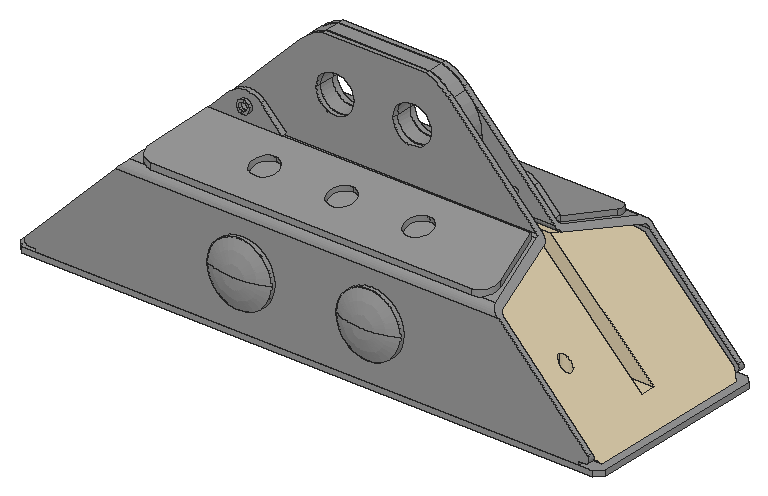
Revit family "ROTHOB_Rothoblaas_Plate_X-One", category Structural Connections, host Face, Revit 2020
Family settings
  Host = Face
  Material for Model Behavior = Steel
  OmniClass Number = 23.13.23.11.19.13
  OmniClass Title = Wood Connectors
  Enable cutting in views = Yes
  Cut with Voids When Loaded = No
  Shared = No
Parameters (values of type "XONE_273x90x113mm")
  WarrantyStartDate [instance] = ""
  WarrantyGuarantorParts = "n/a"  # constant formula
  WarrantyGuarantorLabor = "n/a"  # constant formula
  WarrantyDurationUnit = "n/a"  # constant formula
  WarrantyDurationParts = "n/a"  # constant formula
  WarrantyDurationLabor = "n/a"  # constant formula
  WarrantyDescription = "n/a"  # constant formula
  Version = "2"  # constant formula
  UniClass2015Version = "Products v1.33"  # constant formula
  UniClass2015Title = "Carbon steel brackets"  # constant formula
  UniClass2015Code = "Pr_20_85_09_11"  # constant formula
  Tipo IFC predefinito = "USERDEFINED"  # constant formula
  SustainabilityPerformance = "n/a"  # constant formula
  Size_Imperial = "10 3/4x3 1/2x4 1/2 in"  # constant formula
  Size = "273x90x113 mm"  # constant formula
  Shape = "Three-dimensional"  # constant formula
  Revision = "1"  # constant formula
  ReplacementCost = "n/a"  # constant formula
  InstallationDate [instance] = ""
  Default Elevation = 1219.20 mm
  ProductInformation = "https://www.rothoblaas.com/products/fastening/brackets-and-plates/x-rad/x-one#X-one"  # constant formula
  OmniClassVersion = "2012-05-16"  # constant formula
  OmniClassTitle = "Wood Connectors"  # constant formula
  OmniClassCode = "23-13 23 11 19 13"  # constant formula
  ObjectMaterial_Wood = ROTHOB_Rothoblaas_Wood
  ObjectMaterial_Metal = ROTHOB_Rothoblaas_CarbonSteel_ZincPlated
  NominalWidth = Width_B  # 90.00 mm
  NominalLength = Length_L  # 273.00 mm
  NominalHeight = Height_H  # 113.00 mm
  Height_H = 113.00 mm  # constant formula
  Name = "Plate"  # constant formula
  ModelReference = "n/a"  # constant formula
  ModelNumber = "XONE"  # constant formula
  ModelDisclaimer = "The latest version of the data sheets can be found on our website"  # constant formula
  MinWeight = "2.801 kg"  # constant formula
  Material = "Carbon steel"  # constant formula
  ManufacturerURL = "www.rothoblaas.com"  # constant formula
  ManufacturerName = "ROTHO BLAAS SRL"  # constant formula
  Manufacturer = "info@rothoblaas.com"  # constant formula
  IfcExportType = "USERDEFINED"  # constant formula
  IfcExportAs = "IfcDiscreteAccessoryType"  # constant formula
  Width_B = 90.00 mm  # constant formula
  Grade = "n/a"  # constant formula
  Finish = "Zinc plated"  # constant formula
  Features = "Load bearing connection between CLT elements"  # constant formula
  ExpectedLife = "50"  # constant formula
  Esporta tipo in formato IFC con nome = "IfcDiscreteAccessoryType"  # constant formula
  DurationUnit = "Years"  # constant formula
  Description = "X-RAD system connection element"  # constant formula
  Length_L = 273.00 mm  # constant formula
  Constituents = "n/a"  # constant formula
  Color = "Silver"  # constant formula
  CodePerformance = "CE - Construction products"  # constant formula
  Category = "Pr_20_85_09_11: Carbon steel brackets"  # constant formula
  CETitle = "n/a"  # constant formula
  CECode = "ETA-15/0632"  # constant formula
  BIMObjectName = "ROTHOB_Rothoblaas_Plate_X-One"  # constant formula
  Author = "Vitor Ferronato"  # constant formula
  AssetType = "n/a"  # constant formula
  AccessibilityPerformance = "n/a"  # constant formula
Reference planes
  plane 1 "Centro (Fronte/Retro)": y = 0
  plane 2: z = 0
  plane 3 "Centro (Sinistra/Destra)": x = 0
  plane 4: y = 45
  plane 5: y = -45
  plane 6: x = -136.5
  plane 7: x = 136.5
  plane 8: z = 2.5
  plane 9: z = 113
  plane 10: z = 58
  plane 11: y = 6.043
  plane 12: y = -6.043
Forms (mm)
  Extrusion 1, solid, material "ROTHOB_Rothoblaas_CarbonSteel_ZincPlated" <- "ObjectMaterial_Metal", detail levels fine
    sketch origin (0, 0, 0) x (1, 0, 0) y (0, 1, 0)
      loop
        line (-132.964, 45) -> (-136.5, 41.464) -> (-136.5, -41.464) -> (-132.964, -45) -> (132.964, -45) -> (136.5, -41.464) -> (136.5, 41.464) -> (132.964, 45) -> (-132.964, 45)
    from 0 to 2.5
  Extrusion 2, solid, material "ROTHOB_Rothoblaas_CarbonSteel_ZincPlated" <- "ObjectMaterial_Metal", detail levels fine
    sketch origin (0, 0, 0) x (0, 1, 0) y (0, 0, 1)
      loop
        line (45, 2.5) -> (45, 50.34)
        arc (45, 50.34) -> (44.111, 52.922) -> (41.82, 54.41) r 4.195
        line (41.82, 54.41) -> (6.984, 63.096)
        arc (6.984, 63.096) -> (6.306, 63.536) -> (6.043, 64.3) r 1.241
        line (6.043, 64.3) -> (6.043, 113) -> (3.543, 113) -> (3.543, 63.382)
        arc (3.543, 63.382) -> (4.087, 61.802) -> (5.488, 60.892) r 2.566
        line (5.488, 60.892) -> (40.874, 52.069)
        arc (40.874, 52.069) -> (42.045, 51.309) -> (42.5, 49.988) r 2.145
        line (42.5, 49.988) -> (42.5, 2.5) -> (45, 2.5)
      loop
        line (-45, 2.5) -> (-42.5, 2.5) -> (-42.5, 49.988)
        arc (-42.5, 49.988) -> (-42.045, 51.309) -> (-40.874, 52.069) r 2.145
        line (-40.874, 52.069) -> (-5.488, 60.892)
        arc (-5.488, 60.892) -> (-4.087, 61.802) -> (-3.543, 63.382) r 2.566
        line (-3.543, 63.382) -> (-3.543, 113) -> (-6.043, 113) -> (-6.043, 64.3)
        arc (-6.043, 64.3) -> (-6.306, 63.536) -> (-6.984, 63.096) r 1.241
        line (-6.984, 63.096) -> (-41.82, 54.41)
        arc (-41.82, 54.41) -> (-44.111, 52.922) -> (-45, 50.34) r 4.195
        line (-45, 50.34) -> (-45, 2.5)
    from -136.5 to 136.5
  Extrusion 3, void
    sketch origin (0, 0, 0) x (1, 0, 0) y (0, 0, 1)
      loop
        line (126.5, 4) -> (126.5, 0) -> (136.5, 0) -> (136.5, 113) -> (24.047, 113)
        arc (24.047, 113) -> (29.573, 110.503) -> (34.314, 106.723) r 24.432
        line (34.314, 106.723) -> (130.863, 7.792)
        arc (130.863, 7.792) -> (131.415, 5.569) -> (129.747, 4) r 2.266
        line (129.747, 4) -> (126.5, 4)
      loop
        line (-126.5, 4) -> (-129.747, 4)
        arc (-129.747, 4) -> (-131.415, 5.569) -> (-130.863, 7.792) r 2.266
        line (-130.863, 7.792) -> (-34.314, 106.723)
        arc (-34.314, 106.723) -> (-29.573, 110.503) -> (-24.047, 113) r 24.432
        line (-24.047, 113) -> (-136.5, 113) -> (-136.5, 0) -> (-126.5, 0) -> (-126.5, 4)
    from -45 to 45
  Extrusion 4, solid, material "ROTHOB_Rothoblaas_CarbonSteel_ZincPlated" <- "ObjectMaterial_Metal", detail levels fine
    sketch origin (0, 0, 0) x (1, 0, 0) y (0, 1, 0)
      loop
        arc (74.654, -42.559) -> (80.017, -40.057) -> (81.547, -34.34) r 7
        line (81.547, -34.34) -> (75.192, -8.223) -> (-75.192, -8.223) -> (-81.547, -34.34)
        arc (-81.547, -34.34) -> (-80.017, -40.057) -> (-74.654, -42.559) r 7
        line (-74.654, -42.559) -> (74.654, -42.559)
      loop
        line (74.654, 42.559) -> (-74.654, 42.559)
        arc (-74.654, 42.559) -> (-80.017, 40.057) -> (-81.547, 34.34) r 7
        line (-81.547, 34.34) -> (-75.192, 8.223) -> (75.192, 8.223) -> (81.547, 34.34)
        arc (81.547, 34.34) -> (80.017, 40.057) -> (74.654, 42.559) r 7
    from 53.853 to 68.661
  Extrusion 5, void, detail levels fine
    sketch origin (0, 0, 0) x (0, 1, 0) y (0, 0, 1)
      loop
        line (6.043, 69.789) -> (6.043, 53.57) -> (48, 53.57) -> (48, 69.789) -> (6.043, 69.789)
      loop
        line (-6.043, 69.789) -> (-48.585, 69.789) -> (-48.585, 53.57) -> (-6.043, 53.57) -> (-6.043, 69.789)
      loop
        line (-8.543, 65.283) -> (-42.559, 56.802) -> (-42.559, 54.226) -> (-8.543, 62.707) -> (-8.543, 65.283)
      loop
        line (8.543, 65.283) -> (8.543, 62.707) -> (42.559, 54.226) -> (42.559, 56.802) -> (8.543, 65.283)
    from -89.263 to 89.788
  Extrusion 6, solid, material "ROTHOB_Rothoblaas_Wood" <- "ObjectMaterial_Wood", detail levels fine
    sketch origin (0, 0, 0) x (0, 1, 0) y (0, 0, 1)
      loop
        line (-38.844, 2.5) -> (38.844, 2.5) -> (42.5, 6.156) -> (42.5, 47.732) -> (38.896, 51.337) -> (3.543, 60.227) -> (3.543, 12.375) -> (-3.543, 12.375) -> (-3.543, 60.227) -> (-38.896, 51.337) -> (-42.5, 47.732) -> (-42.5, 6.156) -> (-38.844, 2.5)
    from -136.5 to 136.5
  Extrusion 7, void
    sketch origin (0, 0, 0) x (1, 0, 0) y (0, 0, 1)
      loop
        line (-132.582, 2.5) -> (-72.31, 62.771) -> (-136.5, 62.771) -> (-136.5, 2.5) -> (-132.582, 2.5)
      loop
        line (136.5, 62.771) -> (72.31, 62.771) -> (132.582, 2.5) -> (136.5, 2.5) -> (136.5, 62.771)
    from -45 to 45
  Extrusion 8, solid, material "ROTHOB_Rothoblaas_CarbonSteel_ZincPlated" <- "ObjectMaterial_Metal", detail levels fine
    sketch origin (0, 45, -304.8) x (0, 0, 1) y (1, 0, 0)
      loop
        line (344.887, 36.995) -> (332.889, 43.923) -> (320.89, 36.995) -> (320.89, 23.141) -> (332.889, 16.214) -> (344.887, 23.141) -> (344.887, 36.995)
      loop
        circle (332.889, 30.068) r 6.521
      loop
        line (344.887, -36.995) -> (344.887, -23.141) -> (332.889, -16.214) -> (320.89, -23.141) -> (320.89, -36.995) -> (332.889, -43.923) -> (344.887, -36.995)
      loop
        circle (332.889, -30.068) r 6.521
    from 0 to 5.344
  Extrusion 9, solid, material "ROTHOB_Rothoblaas_CarbonSteel_ZincPlated" <- "ObjectMaterial_Metal", detail levels fine
    sketch origin (48.739, -45, -302.79) x (0, 0, 1) y (-1, 0, 0)
      loop
        circle (330.878, 18.671) r 15
      loop
        circle (330.878, 78.807) r 15
    from 0 to 2
  Extrusion 10, solid, material "ROTHOB_Rothoblaas_CarbonSteel_ZincPlated" <- "ObjectMaterial_Metal", detail levels fine
    sketch origin (3.671, 6.043, 120.239) x (0, 0, -1) y (-1, 0, 0)
      loop
        line (44.929, -61.3) -> (54.955, -71.085) -> (54.955, -37.123) -> (44.937, -47.154)
        arc (44.937, -47.154) -> (42.007, -54.225) -> (44.929, -61.3) r 10.013
      loop
        circle (48.368, -54.205) r 2.001
    from 0 to 2.5
  Extrusion 11, solid, material "ROTHOB_Rothoblaas_CarbonSteel_ZincPlated" <- "ObjectMaterial_Metal", detail levels fine
    sketch origin (-3.646, -6.043, 120.239) x (0, 0, -1) y (1, 0, 0)
      loop
        line (54.955, -37.123) -> (44.929, -47.153)
        arc (44.929, -47.153) -> (41.994, -54.23) -> (44.916, -61.312) r 10.021
        line (44.916, -61.312) -> (54.955, -71.11) -> (54.955, -37.123)
      loop
        circle (48.368, -54.23) r 2.001
    from 0 to 2.5
  Revolve 12, solid, material "ROTHOB_Rothoblaas_CarbonSteel_ZincPlated" <- "ObjectMaterial_Metal", detail levels fine
    sketch origin (0, 0, 28.089) x (1, 0, 0) y (0, 1, 0)
      loop
        line (30.068, -47) -> (30.068, -50.5)
        arc (30.068, -50.5) -> (37.799, -49.74) -> (45.068, -47) r 29.669
        line (45.068, -47) -> (30.068, -47)
      axis (30.068, -47) -> (30.068, -50.5)
    angle from 0 to 360
  Revolve 13, solid, material "ROTHOB_Rothoblaas_CarbonSteel_ZincPlated" <- "ObjectMaterial_Metal", detail levels fine
    sketch origin (0, 0, 28.089) x (-1, 0, 0) y (0, -1, 0)
      loop
        line (30.068, 47) -> (45.068, 47)
        arc (45.068, 47) -> (37.799, 49.74) -> (30.068, 50.5) r 29.669
        line (30.068, 50.5) -> (30.068, 47)
      axis (30.068, 47) -> (30.068, 50.5)
    angle from 0 to 360
  Extrusion 14, solid, material "ROTHOB_Rothoblaas_CarbonSteel_ZincPlated" <- "ObjectMaterial_Metal", detail levels fine
    sketch origin (0, 45, -304.8) x (0, 0, 1) y (1, 0, 0)
      loop
        circle (332.889, 30.068) r 5
      loop
        circle (332.889, -30.068) r 5
    from 0 to 5.344
  Extrusion 15, void
    sketch origin (0, 0, 0) x (1, 0, 0) y (0, 0, 1)
      loop
        circle (18.002, 89.444) r 9.022
      loop
        circle (-18.002, 89.444) r 9.022
    from -6.043 to 6.043
  Extrusion 16, void
    sketch origin (0, -44.639, 56.284) x (0, 0.970296, 0.241922) y (-1, 0, 0)
      loop
        circle (20.598, 35.863) r 6.2
      loop
        circle (20.598, 0) r 6.2
      loop
        circle (20.598, -35.863) r 6.2
    from -2.5 to 0
  Extrusion 17, void
    sketch origin (0, 44.638, 56.284) x (0, -0.970296, 0.241922) y (1, 0, 0)
      loop
        circle (20.668, 35.863) r 5.5
      loop
        circle (20.668, 0) r 5.5
      loop
        circle (20.668, -35.863) r 5.5
    from -2.5 to 0
  Extrusion 18, solid, material "ROTHOB_Rothoblaas_CarbonSteel_ZincPlated" <- "ObjectMaterial_Metal", detail levels fine
    sketch origin (0, 10.043, 120.239) x (0, 0, -1) y (-1, 0, 0)
      loop
        circle (30.795, 18.002) r 9.022
      loop
        circle (30.795, -18.002) r 9.022
      loop
        line (30.795, -42.44) -> (91.47, -49.137)
        arc (91.47, -49.137) -> (96.512, -47.521) -> (98.671, -42.687) r 6.489
        line (98.671, -42.687) -> (98.671, 42.687)
        arc (98.671, 42.687) -> (96.512, 47.521) -> (91.47, 49.137) r 6.489
        line (91.47, 49.137) -> (30.795, 42.44)
        arc (30.795, 42.44) -> (21.89, 40.557) -> (14.51, 35.232) r 22
        arc (14.51, 35.232) -> (10.096, 30.145) -> (7.239, 24.047) r 24.432
        line (7.239, 24.047) -> (7.239, -24.047)
        arc (7.239, -24.047) -> (10.096, -30.145) -> (14.51, -35.232) r 24.432
        arc (14.51, -35.232) -> (21.89, -40.557) -> (30.795, -42.44) r 22
      loop
        circle (92.15, 30.068) r 5
      loop
        circle (92.15, -30.068) r 5
    from -13.586 to -6.5
  Revolve 19, solid, material "ROTHOB_Rothoblaas_CarbonSteel_ZincPlated" <- "ObjectMaterial_Metal", detail levels fine
    sketch origin (-57.876, 0, 1.036) x (0, 1, 0) y (0, 0, 1)
      loop
        line (-8.544, 72.835) -> (-8.544, 73.834) -> (-9.94, 73.834) -> (-9.94, 72.835) -> (-8.544, 72.835)
      loop
        line (-3.543, 70.834) -> (-2.506, 70.834)
        arc (-2.506, 70.834) -> (-2.79, 71.749) -> (-3.543, 72.341) r 1.613
        line (-3.543, 72.341) -> (-3.543, 70.834)
      axis (-2.506, 70.834) -> (-9.94, 70.834)
    angle from 0 to 360
  Revolve 20, solid, material "ROTHOB_Rothoblaas_CarbonSteel_ZincPlated" <- "ObjectMaterial_Metal", detail levels fine
    sketch origin (57.876, 0, 1.036) x (0, -1, 0) y (0, 0, 1)
      loop
        line (-8.544, 72.835) -> (-8.544, 73.834) -> (-9.944, 73.834) -> (-9.944, 72.835) -> (-8.544, 72.835)
      loop
        line (-3.543, 70.834) -> (-2.506, 70.834)
        arc (-2.506, 70.834) -> (-2.79, 71.749) -> (-3.543, 72.341) r 1.613
        line (-3.543, 72.341) -> (-3.543, 70.834)
      axis (-2.506, 70.834) -> (-9.944, 70.834)
    angle from 0 to 360
  Extrusion 21, void
    sketch origin (0, 0, 0) x (1, 0, 0) y (0, 1, 0)
      loop
        circle (105.677, -26.602) r 2.94
      loop
        circle (-105.677, 26.602) r 2.94
    from 0 to 33.207
Cuts and joins
  Extrusion 3, Extrusion 15 cuts Extrusion 2
  Extrusion 7, Extrusion 21 cuts Extrusion 6
  Extrusion 5, Extrusion 16, Extrusion 17 cuts Extrusion 4
Lines and regions (mm)
  model lines, detail levels coarse+medium
    curve 1: line (-24.047, 6.043, 113) -> (24.047, 6.043, 113)
    curve 2: arc (24.047, 6.043, 113) -> (29.573, 6.043, 110.503) -> (34.314, 6.043, 106.723) r 24.432
    curve 3: line (34.314, 6.043, 106.723) -> (75.715, 6.043, 64.3)
    curve 4: line (-75.715, 6.043, 64.3) -> (-34.314, 6.043, 106.723)
    curve 5: arc (-34.314, 6.043, 106.723) -> (-29.573, 6.043, 110.503) -> (-24.047, 6.043, 113) r 24.432
    curve 6: line (85.367, 41.82, 54.41) -> (76.891, 6.984, 63.096)
    curve 7: line (-76.891, 6.984, 63.096) -> (-85.367, 41.82, 54.41)
    curve 8: arc (76.899, 6.978, 63.087) -> (76.405, 6.259, 63.593) -> (75.716, 6.055, 64.299) r 1.732
    curve 9: arc (-75.716, 6.055, 64.299) -> (-76.405, 6.259, 63.593) -> (-76.899, 6.978, 63.087) r 1.732
    curve 10: line (-130.863, 45, 7.792) -> (-89.34, 45, 50.34)
    curve 11: line (89.34, 45, 50.34) -> (130.863, 45, 7.792)
    curve 12: arc (130.863, 45, 7.792) -> (131.415, 45, 5.569) -> (129.747, 45, 4) r 2.266
    curve 13: line (129.747, 45, 4) -> (126.5, 45, 4)
    curve 14: line (126.5, 45, 4) -> (126.5, 45, 2.5)
    curve 15: line (-126.5, 45, 2.5) -> (-126.5, 45, 4)
    curve 16: line (-126.5, 45, 4) -> (-129.747, 45, 4)
    curve 17: arc (-129.747, 45, 4) -> (-131.415, 45, 5.569) -> (-130.863, 45, 7.792) r 2.266
    curve 18: arc (-85.34, 41.84, 54.438) -> (-87.007, 44.269, 52.729) -> (-89.337, 44.959, 50.342) r 5.854
    curve 19: arc (89.337, 44.959, 50.342) -> (87.007, 44.269, 52.729) -> (85.34, 41.84, 54.438) r 5.854
    curve 20: line (76.874, -6.908, 63.112) -> (85.423, -42.076, 54.353)
    curve 21: arc (85.423, -42.076, 54.353) -> (86.985, -44.27, 52.753) -> (89.113, -45, 50.572) r 5.864
    curve 22: line (89.113, -45, 50.572) -> (130.863, -45, 7.792)
    curve 28: line (34.314, -6.049, 106.723) -> (75.715, -6.049, 64.3)
    curve 29: arc (75.715, -6.049, 64.3) -> (76.383, -6.236, 63.616) -> (76.874, -6.908, 63.112) r 1.735
    curve 35: line (-24.047, -6.043, 113) -> (24.047, -6.043, 113)
    curve 38: arc (34.314, -6.043, 106.723) -> (29.573, -6.043, 110.503) -> (24.047, -6.043, 113) r 24.432
    curve 41: line (-130.863, -45, 7.792) -> (-89.113, -45, 50.572)
    curve 42: arc (-89.113, -45, 50.572) -> (-86.985, -44.27, 52.753) -> (-85.423, -42.076, 54.353) r 5.864
    curve 43: line (-85.423, -42.076, 54.353) -> (-76.874, -6.908, 63.112)
    curve 44: arc (-76.874, -6.908, 63.112) -> (-76.383, -6.236, 63.616) -> (-75.715, -6.049, 64.3) r 1.735
    curve 45: line (-75.715, -6.049, 64.3) -> (-34.314, -6.049, 106.723)
    curve 51: arc (-24.047, -6.043, 113) -> (-29.573, -6.043, 110.503) -> (-34.314, -6.043, 106.723) r 24.432
    curve 59: line (-136.5, 41.464, 2.5) -> (-136.5, -41.464, 2.5)
    curve 60: line (-136.5, -41.464, 2.5) -> (-132.964, -45, 2.5)
    curve 61: line (-132.964, -45, 2.5) -> (132.964, -45, 2.5)
    curve 62: line (132.964, -45, 2.5) -> (136.5, -41.464, 2.5)
    curve 63: line (136.5, -41.464, 2.5) -> (136.5, 41.464, 2.5)
    curve 64: line (136.5, 41.464, 2.5) -> (132.964, 45, 2.5)
    curve 65: line (132.964, 45, 2.5) -> (-132.964, 45, 2.5)
    curve 66: line (-132.964, 45, 2.5) -> (-136.5, 41.464, 2.5)
    curve 67: line (-136.5, 41.464, 0) -> (-132.964, 45, 0)
    curve 68: line (-132.964, 45, 0) -> (132.964, 45, 0)
    curve 69: line (132.964, 45, 0) -> (136.5, 41.464, 0)
    curve 70: line (136.5, 41.464, 0) -> (136.5, -41.464, 0)
    curve 71: line (136.5, -41.464, 0) -> (132.964, -45, 0)
    curve 72: line (132.964, -45, 0) -> (-132.964, -45, 0)
    curve 73: line (-132.964, -45, 0) -> (-136.5, -41.464, 0)
    curve 74: line (-136.5, -41.464, 0) -> (-136.5, 41.464, 0)
    curve 75: line (-132.964, 45, 0) -> (-132.964, 45, 2.5)
    curve 76: line (-136.5, 41.464, 2.5) -> (-136.5, 41.464, 0)
    curve 77: line (-136.5, -41.464, 0) -> (-136.5, -41.464, 2.5)
    curve 78: line (-132.964, -45, 2.5) -> (-132.964, -45, 0)
    curve 79: line (132.964, -45, 0) -> (132.964, -45, 2.5)
    curve 80: line (136.5, -41.464, 2.5) -> (136.5, -41.464, 0)
    curve 81: line (132.964, 45, 2.5) -> (132.964, 45, 0)
    curve 82: line (136.5, 41.464, 0) -> (136.5, 41.464, 2.5)
    curve 89: line (75.002, -42.561, 54.225) -> (-75.002, -42.561, 54.225)
    curve 90: arc (-75.002, -42.561, 54.225) -> (-80.175, -39.876, 54.895) -> (-81.541, -34.341, 56.275) r 7.157
    curve 91: line (-81.541, -34.341, 56.275) -> (-75.27, -8.543, 62.707)
    curve 92: line (-75.27, -8.543, 62.707) -> (75.27, -8.543, 62.707)
    curve 93: line (75.27, -8.543, 62.707) -> (81.541, -34.341, 56.275)
    curve 94: arc (81.541, -34.341, 56.275) -> (80.175, -39.876, 54.895) -> (75.002, -42.561, 54.225) r 7.157
    curve 95: arc (-35.863, -30.064, 57.341) -> (-29.663, -24.048, 58.841) -> (-35.863, -18.032, 60.341) r 6.2
    curve 96: arc (-35.863, -18.032, 60.341) -> (-42.063, -24.048, 58.841) -> (-35.863, -30.064, 57.341) r 6.2
    curve 97: arc (0, -30.064, 57.341) -> (6.2, -24.048, 58.841) -> (0, -18.032, 60.341) r 6.2
    curve 98: arc (0, -18.032, 60.341) -> (-6.2, -24.048, 58.841) -> (0, -30.064, 57.341) r 6.2
    curve 99: arc (35.863, -30.064, 57.341) -> (42.063, -24.048, 58.841) -> (35.863, -18.032, 60.341) r 6.2
    curve 100: arc (35.863, -18.032, 60.341) -> (29.663, -24.048, 58.841) -> (35.863, -30.064, 57.341) r 6.2
    curve 109: line (-75.27, 8.543, 62.707) -> (-81.541, 34.341, 56.275)
    curve 110: arc (-81.541, 34.341, 56.275) -> (-80.175, 39.876, 54.895) -> (-75.002, 42.561, 54.225) r 7.157
    curve 111: line (-75.002, 42.561, 54.225) -> (75.002, 42.561, 54.225)
    curve 112: arc (75.002, 42.561, 54.225) -> (80.175, 39.876, 54.895) -> (81.541, 34.341, 56.275) r 7.157
    curve 113: line (81.541, 34.341, 56.275) -> (75.27, 8.543, 62.707)
    curve 114: line (75.27, 8.543, 62.707) -> (-75.27, 8.543, 62.707)
    curve 115: arc (-35.863, 18.642, 60.189) -> (-30.363, 23.979, 58.858) -> (-35.863, 29.315, 57.528) r 5.5
    curve 116: arc (-35.863, 29.315, 57.528) -> (-41.363, 23.979, 58.858) -> (-35.863, 18.642, 60.189) r 5.5
    curve 117: arc (0, 18.642, 60.189) -> (5.5, 23.979, 58.858) -> (0, 29.315, 57.528) r 5.5
    curve 118: arc (0, 29.315, 57.528) -> (-5.5, 23.979, 58.858) -> (0, 18.642, 60.189) r 5.5
    curve 119: arc (35.863, 18.642, 60.189) -> (41.363, 23.979, 58.858) -> (35.863, 29.315, 57.528) r 5.5
    curve 120: arc (35.863, 29.315, 57.528) -> (30.363, 23.979, 58.858) -> (35.863, 18.642, 60.189) r 5.5
    curve 133: line (36.995, 45, 40.087) -> (23.141, 45, 40.087)
    curve 134: line (23.141, 45, 40.087) -> (16.214, 45, 28.089)
    curve 135: line (16.214, 45, 28.089) -> (23.141, 45, 16.09)
    curve 136: line (23.141, 45, 16.09) -> (36.995, 45, 16.09)
    curve 137: line (36.995, 45, 16.09) -> (43.923, 45, 28.089)
    curve 138: line (43.923, 45, 28.089) -> (36.995, 45, 40.087)
    curve 139: line (-23.141, 45, 40.087) -> (-36.995, 45, 40.087)
    curve 140: line (-36.995, 45, 40.087) -> (-43.923, 45, 28.089)
    curve 141: line (-43.923, 45, 28.089) -> (-36.995, 45, 16.09)
    curve 142: line (-36.995, 45, 16.09) -> (-23.141, 45, 16.09)
    curve 143: line (-23.141, 45, 16.09) -> (-16.214, 45, 28.089)
    curve 144: line (-16.214, 45, 28.089) -> (-23.141, 45, 40.087)
    curve 169: arc (30.068, 45, 34.61) -> (36.589, 45, 28.089) -> (30.068, 45, 21.567) r 6.521
    curve 170: arc (30.068, 45, 21.567) -> (23.547, 45, 28.089) -> (30.068, 45, 34.61) r 6.521
    curve 171: arc (-30.068, 45, 34.61) -> (-23.547, 45, 28.089) -> (-30.068, 45, 21.567) r 6.521
    curve 172: arc (-30.068, 45, 21.567) -> (-36.589, 45, 28.089) -> (-30.068, 45, 34.61) r 6.521
    curve 185: arc (-30.068, -45, 13.089) -> (-45.068, -45, 28.089) -> (-30.068, -45, 43.089) r 15
    curve 186: arc (-30.068, -45, 43.089) -> (-15.068, -45, 28.089) -> (-30.068, -45, 13.089) r 15
    curve 187: arc (30.068, -45, 13.089) -> (15.068, -45, 28.089) -> (30.068, -45, 43.089) r 15
    curve 188: arc (30.068, -45, 43.089) -> (45.068, -45, 28.089) -> (30.068, -45, 13.089) r 15
    curve 232: line (74.855, 3.543, 60.227) -> (122.707, 3.543, 12.375)
    curve 233: line (122.707, 3.543, 12.375) -> (122.707, -3.543, 12.375)
    curve 234: line (122.707, -3.543, 12.375) -> (74.855, -3.543, 60.227)
    curve 235: line (74.855, -3.543, 60.227) -> (83.745, -38.896, 51.337)
    curve 236: line (83.745, -38.896, 51.337) -> (87.35, -42.5, 47.732)
    curve 237: line (87.35, -42.5, 47.732) -> (128.925, -42.5, 6.156)
    curve 238: line (128.925, -42.5, 6.156) -> (132.582, -38.844, 2.5)
    curve 239: line (132.582, -38.844, 2.5) -> (132.582, 38.844, 2.5)
    curve 240: line (132.582, 38.844, 2.5) -> (128.925, 42.5, 6.156)
    curve 241: line (128.925, 42.5, 6.156) -> (87.35, 42.5, 47.732)
    curve 242: line (87.35, 42.5, 47.732) -> (83.745, 38.896, 51.337)
    curve 243: line (83.745, 38.896, 51.337) -> (74.855, 3.543, 60.227)
    curve 244: line (-122.707, 3.543, 12.375) -> (-74.855, 3.543, 60.227)
    curve 245: line (-74.855, 3.543, 60.227) -> (-83.745, 38.896, 51.337)
    curve 246: line (-83.745, 38.896, 51.337) -> (-87.35, 42.5, 47.732)
    curve 247: line (-87.35, 42.5, 47.732) -> (-128.925, 42.5, 6.156)
    curve 248: line (-128.925, 42.5, 6.156) -> (-132.582, 38.844, 2.5)
    curve 249: line (-132.582, 38.844, 2.5) -> (-132.582, -38.844, 2.5)
    curve 250: line (-132.582, -38.844, 2.5) -> (-128.925, -42.5, 6.156)
    curve 251: line (-128.925, -42.5, 6.156) -> (-87.35, -42.5, 47.732)
    curve 252: line (-87.35, -42.5, 47.732) -> (-83.745, -38.896, 51.337)
    curve 253: line (-83.745, -38.896, 51.337) -> (-74.855, -3.543, 60.227)
    curve 254: line (-74.855, -3.543, 60.227) -> (-122.707, -3.543, 12.375)
    curve 255: line (-122.707, -3.543, 12.375) -> (-122.707, 3.543, 12.375)
    curve 256: line (-126.5, -45, 4) -> (-126.5, -45, 2.5)
    curve 257: line (-129.747, -45, 4) -> (-126.5, -45, 4)
    curve 258: arc (-130.863, -45, 7.792) -> (-131.415, -45, 5.569) -> (-129.747, -45, 4) r 2.266
    curve 259: line (126.5, -45, 2.5) -> (126.5, -45, 4)
    curve 260: line (126.5, -45, 4) -> (129.747, -45, 4)
    curve 261: arc (129.747, -45, 4) -> (131.415, -45, 5.569) -> (130.863, -45, 7.792) r 2.266
    curve 286: arc (8.98, 6.043, 89.444) -> (18.002, 6.043, 80.422) -> (27.024, 6.043, 89.444) r 9.022
    curve 287: arc (27.024, 6.043, 89.444) -> (18.002, 6.043, 98.466) -> (8.98, 6.043, 89.444) r 9.022
    curve 288: arc (-27.024, 6.043, 89.444) -> (-18.002, 6.043, 80.422) -> (-8.98, 6.043, 89.444) r 9.022
    curve 289: arc (-8.98, 6.043, 89.444) -> (-18.002, 6.043, 98.466) -> (-27.024, 6.043, 89.444) r 9.022
    curve 294: arc (-8.98, -6.043, 89.444) -> (-18.002, -6.043, 80.422) -> (-27.024, -6.043, 89.444) r 9.022
    curve 295: arc (-27.024, -6.043, 89.444) -> (-18.002, -6.043, 98.466) -> (-8.98, -6.043, 89.444) r 9.022
    curve 296: arc (27.024, -6.043, 89.444) -> (18.002, -6.043, 80.422) -> (8.98, -6.043, 89.444) r 9.022
    curve 297: arc (8.98, -6.043, 89.444) -> (18.002, -6.043, 98.466) -> (27.024, -6.043, 89.444) r 9.022
  model lines, detail levels medium
    curve 23: line (130.863, -42.5, 7.792) -> (89.567, -42.5, 50.107)
    curve 24: arc (89.567, -42.5, 50.107) -> (88.479, -42.127, 51.222) -> (87.68, -41.005, 52.04) r 2.998
    curve 25: line (87.68, -41.005, 52.04) -> (79.007, -5.332, 60.927)
    curve 26: arc (79.007, -5.332, 60.927) -> (77.991, -3.942, 61.969) -> (76.611, -3.556, 63.382) r 3.587
    curve 27: line (76.611, -3.556, 63.382) -> (34.314, -3.556, 106.723)
    curve 30: line (34.314, 3.543, 106.723) -> (76.611, 3.543, 63.382)
    curve 31: arc (76.613, 3.568, 63.38) -> (77.989, 3.953, 61.97) -> (79.005, 5.338, 60.929) r 3.581
    curve 32: line (79.005, 5.338, 60.929) -> (87.682, 41, 52.038)
    curve 33: arc (87.682, 41, 52.038) -> (88.447, 42.092, 51.254) -> (89.491, 42.491, 50.185) r 2.993
    curve 34: line (89.491, 42.5, 50.185) -> (130.728, 42.5, 7.93)
    curve 36: line (24.047, -3.543, 113) -> (-24.047, -3.543, 113)
    curve 37: line (-24.047, 3.543, 113) -> (24.047, 3.543, 113)
    curve 39: arc (35.232, -3.543, 105.729) -> (30.145, -3.543, 110.143) -> (24.047, -3.543, 113) r 24.432
    curve 40: arc (24.047, 3.543, 113) -> (30.145, 3.543, 110.143) -> (35.232, 3.543, 105.729) r 24.432
    curve 46: line (-34.314, -3.556, 106.723) -> (-76.611, -3.556, 63.382)
    curve 47: arc (-76.611, -3.556, 63.382) -> (-77.991, -3.942, 61.969) -> (-79.007, -5.332, 60.927) r 3.587
    curve 48: line (-79.007, -5.332, 60.927) -> (-87.68, -41.005, 52.04)
    curve 49: arc (-87.68, -41.005, 52.04) -> (-88.479, -42.127, 51.222) -> (-89.567, -42.5, 50.107) r 2.998
    curve 50: line (-89.567, -42.5, 50.107) -> (-130.863, -42.5, 7.792)
    curve 52: arc (-24.047, -3.543, 113) -> (-30.145, -3.543, 110.143) -> (-35.232, -3.543, 105.729) r 24.432
    curve 53: line (-89.683, 42.5, 49.988) -> (-130.863, 42.5, 7.792)
    curve 54: arc (-89.681, 42.479, 49.99) -> (-88.531, 42.157, 51.168) -> (-87.682, 41, 52.038) r 2.993
    curve 55: line (-87.682, 41, 52.038) -> (-79.005, 5.338, 60.929)
    curve 56: arc (-79.005, 5.338, 60.929) -> (-77.989, 3.953, 61.97) -> (-76.613, 3.568, 63.38) r 3.581
    curve 57: line (-76.611, 3.543, 63.382) -> (-34.314, 3.543, 106.723)
    curve 58: arc (-35.232, 3.543, 105.729) -> (-30.145, 3.543, 110.143) -> (-24.047, 3.543, 113) r 24.432
    curve 83: line (-75.27, -8.543, 65.283) -> (-81.541, -34.341, 58.851)
    curve 84: arc (-81.541, -34.341, 58.851) -> (-80.175, -39.876, 57.471) -> (-75.002, -42.561, 56.802) r 7.157
    curve 85: line (-75.002, -42.561, 56.802) -> (75.002, -42.561, 56.802)
    curve 86: arc (75.002, -42.561, 56.802) -> (80.175, -39.876, 57.471) -> (81.541, -34.341, 58.851) r 7.157
    curve 87: line (81.541, -34.341, 58.851) -> (75.27, -8.543, 65.283)
    curve 88: line (75.27, -8.543, 65.283) -> (-75.27, -8.543, 65.283)
    curve 101: line (-75.27, -8.543, 65.283) -> (-75.27, -8.543, 62.707)
    curve 102: line (75.27, -8.543, 62.707) -> (75.27, -8.543, 65.283)
    curve 103: arc (-35.863, -18.637, 62.767) -> (-29.663, -24.653, 61.267) -> (-35.863, -30.669, 59.767) r 6.2
    curve 104: arc (-35.863, -30.669, 59.767) -> (-42.063, -24.653, 61.267) -> (-35.863, -18.637, 62.767) r 6.2
    curve 105: arc (0, -18.637, 62.767) -> (6.2, -24.653, 61.267) -> (0, -30.669, 59.767) r 6.2
    curve 106: arc (0, -30.669, 59.767) -> (-6.2, -24.653, 61.267) -> (0, -18.637, 62.767) r 6.2
    curve 107: arc (35.863, -18.637, 62.767) -> (42.063, -24.653, 61.267) -> (35.863, -30.669, 59.767) r 6.2
    curve 108: arc (35.863, -30.669, 59.767) -> (29.663, -24.653, 61.267) -> (35.863, -18.637, 62.767) r 6.2
    curve 121: line (75.002, 42.561, 56.802) -> (-75.002, 42.561, 56.802)
    curve 122: arc (-75.002, 42.561, 56.802) -> (-80.175, 39.876, 57.471) -> (-81.541, 34.341, 58.851) r 7.157
    curve 123: line (-81.541, 34.341, 58.851) -> (-75.27, 8.543, 65.283)
    curve 124: line (-75.27, 8.543, 65.283) -> (75.27, 8.543, 65.283)
    curve 125: line (75.27, 8.543, 65.283) -> (81.541, 34.341, 58.851)
    curve 126: arc (81.541, 34.341, 58.851) -> (80.175, 39.876, 57.471) -> (75.002, 42.561, 56.802) r 7.157
    curve 127: arc (-35.863, 19.247, 62.615) -> (-41.363, 24.583, 61.284) -> (-35.863, 29.92, 59.954) r 5.5
    curve 128: arc (-35.863, 29.92, 59.954) -> (-30.363, 24.583, 61.284) -> (-35.863, 19.247, 62.615) r 5.5
    curve 129: arc (0, 19.247, 62.615) -> (-5.5, 24.583, 61.284) -> (0, 29.92, 59.954) r 5.5
    curve 130: arc (0, 29.92, 59.954) -> (5.5, 24.583, 61.284) -> (0, 19.247, 62.615) r 5.5
    curve 131: arc (35.863, 19.247, 62.615) -> (30.363, 24.583, 61.284) -> (35.863, 29.92, 59.954) r 5.5
    curve 132: arc (35.863, 29.92, 59.954) -> (41.363, 24.583, 61.284) -> (35.863, 19.247, 62.615) r 5.5
    curve 145: line (23.141, 50.344, 40.087) -> (36.995, 50.344, 40.087)
    curve 146: line (36.995, 50.344, 40.087) -> (43.923, 50.344, 28.089)
    curve 147: line (43.923, 50.344, 28.089) -> (36.995, 50.344, 16.09)
    curve 148: line (36.995, 50.344, 16.09) -> (23.141, 50.344, 16.09)
    curve 149: line (23.141, 50.344, 16.09) -> (16.214, 50.344, 28.089)
    curve 150: line (16.214, 50.344, 28.089) -> (23.141, 50.344, 40.087)
    curve 151: line (-36.995, 50.344, 40.087) -> (-23.141, 50.344, 40.087)
    curve 152: line (-23.141, 50.344, 40.087) -> (-16.214, 50.344, 28.089)
    curve 153: line (-16.214, 50.344, 28.089) -> (-23.141, 50.344, 16.09)
    curve 154: line (-23.141, 50.344, 16.09) -> (-36.995, 50.344, 16.09)
    curve 155: line (-36.995, 50.344, 16.09) -> (-43.923, 50.344, 28.089)
    curve 156: line (-43.923, 50.344, 28.089) -> (-36.995, 50.344, 40.087)
    curve 157: line (23.141, 45, 40.087) -> (23.141, 50.344, 40.087)
    curve 158: line (36.995, 45, 40.087) -> (36.995, 50.344, 40.087)
    curve 159: line (43.923, 50.344, 28.089) -> (43.923, 45, 28.089)
    curve 160: line (36.995, 45, 16.09) -> (36.995, 50.344, 16.09)
    curve 161: line (23.141, 45, 16.09) -> (23.141, 50.344, 16.09)
    curve 162: line (16.214, 45, 28.089) -> (16.214, 50.344, 28.089)
    curve 163: line (-36.995, 45, 40.087) -> (-36.995, 50.344, 40.087)
    curve 164: line (-23.141, 45, 40.087) -> (-23.141, 50.344, 40.087)
    curve 165: line (-16.214, 45, 28.089) -> (-16.214, 50.344, 28.089)
    curve 166: line (-23.141, 45, 16.09) -> (-23.141, 50.344, 16.09)
    curve 167: line (-43.923, 50.344, 28.089) -> (-43.923, 45, 28.089)
    curve 168: line (-36.995, 45, 16.09) -> (-36.995, 50.344, 16.09)
    curve 173: arc (30.068, 45, 33.089) -> (25.068, 45, 28.089) -> (30.068, 45, 23.089) r 5
    curve 174: arc (30.068, 45, 23.089) -> (35.068, 45, 28.089) -> (30.068, 45, 33.089) r 5
    curve 175: arc (-30.068, 45, 23.089) -> (-25.068, 45, 28.089) -> (-30.068, 45, 33.089) r 5
    curve 176: arc (-30.068, 45, 33.089) -> (-35.068, 45, 28.089) -> (-30.068, 45, 23.089) r 5
    curve 177: arc (30.068, 50.344, 33.089) -> (35.068, 50.344, 28.089) -> (30.068, 50.344, 23.089) r 5
    curve 178: arc (30.068, 50.344, 23.089) -> (25.068, 50.344, 28.089) -> (30.068, 50.344, 33.089) r 5
    curve 179: arc (-30.068, 50.344, 33.089) -> (-25.068, 50.344, 28.089) -> (-30.068, 50.344, 23.089) r 5
    curve 180: arc (-30.068, 50.344, 23.089) -> (-35.068, 50.344, 28.089) -> (-30.068, 50.344, 33.089) r 5
    curve 181: arc (30.068, 50.344, 34.61) -> (23.547, 50.344, 28.089) -> (30.068, 50.344, 21.567) r 6.521
    curve 182: arc (30.068, 50.344, 21.567) -> (36.589, 50.344, 28.089) -> (30.068, 50.344, 34.61) r 6.521
    curve 183: arc (-30.068, 50.344, 34.61) -> (-36.589, 50.344, 28.089) -> (-30.068, 50.344, 21.567) r 6.521
    curve 184: arc (-30.068, 50.344, 21.567) -> (-23.547, 50.344, 28.089) -> (-30.068, 50.344, 34.61) r 6.521
    curve 189: arc (-30.068, -47, 13.089) -> (-15.068, -47, 28.089) -> (-30.068, -47, 43.089) r 15
    curve 190: arc (-30.068, -47, 43.089) -> (-45.068, -47, 28.089) -> (-30.068, -47, 13.089) r 15
    curve 191: arc (30.068, -47, 43.089) -> (15.068, -47, 28.089) -> (30.068, -47, 13.089) r 15
    curve 192: arc (30.068, -47, 13.089) -> (45.068, -47, 28.089) -> (30.068, -47, 43.089) r 15
    curve 193: arc (-64.958, -6.043, 75.323) -> (-57.877, -6.043, 78.245) -> (-50.8, -6.043, 75.311) r 10.021
    curve 194: line (-50.8, -6.043, 75.311) -> (-40.769, -6.043, 65.283)
    curve 195: line (-40.769, -6.043, 65.283) -> (-74.756, -6.043, 65.283)
    curve 196: arc (-50.8, -8.543, 75.311) -> (-57.877, -8.543, 78.245) -> (-64.958, -8.543, 75.323) r 10.021
    curve 197: line (-64.958, -8.543, 75.323) -> (-74.756, -8.543, 65.283)
    curve 198: line (-74.756, -8.543, 65.283) -> (-40.769, -8.543, 65.283)
    curve 199: line (-40.769, -8.543, 65.283) -> (-50.8, -8.543, 75.311)
    curve 200: arc (-57.876, -9.94, 74.87) -> (-54.876, -9.94, 71.87) -> (-57.876, -9.94, 68.87) r 3
    curve 201: arc (-57.876, -9.94, 68.87) -> (-60.876, -9.94, 71.87) -> (-57.876, -9.94, 74.87) r 3
    curve 202: arc (-57.876, -9.94, 73.871) -> (-59.876, -9.94, 71.87) -> (-57.876, -9.94, 69.87) r 2.001
    curve 203: arc (-57.876, -9.94, 73.871) -> (-55.875, -9.94, 71.87) -> (-57.876, -9.94, 69.87) r 2.001
    curve 204: line (-74.756, -6.043, 65.283) -> (-74.756, -8.543, 65.283)
    curve 205: line (-40.769, -6.043, 65.283) -> (-40.769, -8.543, 65.283)
    curve 206: arc (-57.876, -8.544, 68.87) -> (-54.876, -8.544, 71.87) -> (-57.876, -8.544, 74.87) r 3
    curve 207: arc (-57.876, -8.544, 74.87) -> (-60.876, -8.544, 71.87) -> (-57.876, -8.544, 68.87) r 3
    curve 208: arc (-57.876, -8.544, 69.87) -> (-59.876, -8.544, 71.87) -> (-57.876, -8.544, 73.871) r 2.001
    curve 209: arc (-57.876, -8.544, 73.871) -> (-55.875, -8.544, 71.87) -> (-57.876, -8.544, 69.87) r 2.001
    curve 210: arc (-108.723, 26.602, 26.359) -> (-105.677, 29.648, 29.405) -> (-102.632, 26.602, 32.45) r 4.568
    curve 211: arc (-102.632, 26.602, 32.45) -> (-105.677, 23.555, 29.405) -> (-108.723, 26.602, 26.359) r 4.568
    curve 212: arc (102.632, -26.602, 32.45) -> (105.677, -23.555, 29.405) -> (108.723, -26.602, 26.359) r 4.568
    curve 213: arc (108.723, -26.602, 26.359) -> (105.677, -29.648, 29.405) -> (102.632, -26.602, 32.45) r 4.568
    curve 214: arc (64.97, 6.043, 75.31) -> (57.896, 6.043, 78.232) -> (50.825, 6.043, 75.303) r 10.013
    curve 215: line (50.825, 6.043, 75.303) -> (40.794, 6.043, 65.283)
    curve 216: line (40.794, 6.043, 65.283) -> (74.756, 6.043, 65.283)
    curve 217: line (74.756, 6.043, 65.283) -> (64.97, 6.043, 75.31)
    curve 218: arc (50.825, 8.543, 75.303) -> (57.896, 8.543, 78.232) -> (64.97, 8.543, 75.31) r 10.013
    curve 219: line (64.97, 8.543, 75.31) -> (74.756, 8.543, 65.283)
    curve 220: line (74.756, 8.543, 65.283) -> (40.794, 8.543, 65.283)
    curve 221: line (40.794, 8.543, 65.283) -> (50.825, 8.543, 75.303)
    curve 222: line (74.756, 6.043, 65.283) -> (74.756, 8.543, 65.283)
    curve 223: line (40.794, 8.543, 65.283) -> (40.794, 6.043, 65.283)
    curve 224: arc (57.876, 9.944, 74.87) -> (54.876, 9.944, 71.87) -> (57.876, 9.944, 68.87) r 3
    curve 225: arc (57.876, 9.944, 68.87) -> (60.876, 9.944, 71.87) -> (57.876, 9.944, 74.87) r 3
    curve 226: arc (57.876, 9.944, 69.87) -> (59.876, 9.944, 71.87) -> (57.876, 9.944, 73.871) r 2.001
    curve 227: arc (57.876, 9.944, 73.871) -> (55.875, 9.944, 71.87) -> (57.876, 9.944, 69.87) r 2.001
    curve 228: arc (57.876, 8.543, 68.87) -> (54.876, 8.543, 71.87) -> (57.876, 8.543, 74.87) r 3
    curve 229: arc (57.876, 8.543, 74.87) -> (60.876, 8.543, 71.87) -> (57.876, 8.543, 68.87) r 3
    curve 230: arc (57.876, 8.543, 73.871) -> (55.875, 8.543, 71.87) -> (57.876, 8.543, 69.87) r 2.001
    curve 231: arc (57.876, 8.543, 69.87) -> (59.876, 8.543, 71.87) -> (57.876, 8.543, 73.871) r 2.001
    curve 262: arc (130.863, -42.5, 7.792) -> (131.415, -42.5, 5.569) -> (129.747, -42.5, 4) r 2.266
    curve 263: line (126.5, -42.5, 4) -> (126.5, -42.5, 2.5)
    curve 264: line (129.747, -42.5, 4) -> (126.5, -42.5, 4)
    curve 265: line (126.5, -42.5, 2.5) -> (126.5, -45, 2.5)
    curve 266: line (126.5, 42.5, 4) -> (129.747, 42.5, 4)
    curve 267: line (126.5, 42.5, 2.5) -> (126.5, 42.5, 4)
    curve 268: arc (129.747, 42.5, 4) -> (131.415, 42.5, 5.569) -> (130.863, 42.5, 7.792) r 2.266
    curve 269: line (126.5, 45, 2.5) -> (126.5, 42.5, 2.5)
    curve 270: line (-126.5, 42.5, 2.5) -> (126.5, 42.5, 2.5)
    curve 271: line (-126.5, -42.5, 2.5) -> (126.5, -42.5, 2.5)
    curve 272: line (-126.5, 42.5, 4) -> (-126.5, 42.5, 2.5)
    curve 273: line (-129.747, 42.5, 4) -> (-126.5, 42.5, 4)
    curve 274: arc (-130.863, 42.5, 7.792) -> (-131.415, 42.5, 5.569) -> (-129.747, 42.5, 4) r 2.266
    curve 275: line (-126.5, 42.5, 2.5) -> (-126.5, 45, 2.5)
    curve 276: line (-126.5, 42.5, 4) -> (-126.5, 45, 4)
    curve 277: line (-132.582, 38.844, 2.5) -> (132.582, 38.844, 2.5)
    curve 278: line (132.582, -38.844, 2.5) -> (-132.582, -38.844, 2.5)
    curve 279: line (-126.5, -42.5, 2.5) -> (-126.5, -42.5, 4)
    curve 280: line (-126.5, -42.5, 4) -> (-129.747, -42.5, 4)
    curve 281: arc (-129.747, -42.5, 4) -> (-131.415, -42.5, 5.569) -> (-130.863, -42.5, 7.792) r 2.266
    curve 282: line (-126.5, -45, 4) -> (-126.5, -42.5, 4)
    curve 283: line (-126.5, -45, 2.5) -> (-126.5, -42.5, 2.5)
    curve 284: line (-74.855, -3.543, 60.227) -> (74.855, -3.543, 60.227)
    curve 285: line (74.855, 3.543, 60.227) -> (-74.855, 3.543, 60.227)
    curve 290: arc (8.98, 3.543, 89.444) -> (18.002, 3.543, 80.422) -> (27.024, 3.543, 89.444) r 9.022
    curve 291: arc (27.024, 3.543, 89.444) -> (18.002, 3.543, 98.466) -> (8.98, 3.543, 89.444) r 9.022
    curve 292: arc (-27.024, 3.543, 89.444) -> (-18.002, 3.543, 80.422) -> (-8.98, 3.543, 89.444) r 9.022
    curve 293: arc (-8.98, 3.543, 89.444) -> (-18.002, 3.543, 98.466) -> (-27.024, 3.543, 89.444) r 9.022
    curve 298: arc (-8.98, -3.543, 89.444) -> (-18.002, -3.543, 80.422) -> (-27.024, -3.543, 89.444) r 9.022
    curve 299: arc (-27.024, -3.543, 89.444) -> (-18.002, -3.543, 98.466) -> (-8.98, -3.543, 89.444) r 9.022
    curve 300: arc (27.024, -3.543, 89.444) -> (18.002, -3.543, 80.422) -> (8.98, -3.543, 89.444) r 9.022
    curve 301: arc (8.98, -3.543, 89.444) -> (18.002, -3.543, 98.466) -> (27.024, -3.543, 89.444) r 9.022
Dimensions and locks
  equal spacing: host sketch curve, plane 3 "Centro (Sinistra/Destra)", host sketch curve
  host sketch curve to host sketch curve = 280.00 mm
  equal spacing: host sketch curve, plane 1 "Centro (Fronte/Retro)", host sketch curve
  host sketch curve to host sketch curve = 100.00 mm
  "Length_L": plane 6 to plane 7
  equal spacing: plane 6, plane 3 "Centro (Sinistra/Destra)", plane 7
  equal spacing: plane 4, plane 1 "Centro (Fronte/Retro)", plane 5
  "Width_B": plane 4 to plane 5
  plane 8 to plane 2 = 2.50 mm
  "Height_H": plane 9 to plane 2
  plane 4 to plane 5 = 90.00 mm
  plane 9 to level = 113.00 mm
  aligned and locked: plane 2 to host face
  aligned and locked: level to host face
  aligned and locked: Extrusion 1 sketch curve to plane 4
  aligned and locked: Extrusion 1 sketch curve to plane 5
  aligned and locked: plane 7 to Extrusion 1 sketch curve
  aligned and locked: plane 6 to Extrusion 1 sketch curve
  aligned and locked: plane 8 to Extrusion 1
  aligned and locked: plane 9 to Extrusion 2 sketch curve
  aligned and locked: Extrusion 2 sketch curve to plane 9  (x2)
  aligned and locked: Extrusion 2 to plane 6
  aligned and locked: Extrusion 2 to plane 7
  aligned and locked: plane 4 to Extrusion 3
  aligned and locked: plane 5 to Extrusion 3
  aligned and locked: Extrusion 6 sketch curve to plane 8
  aligned and locked: cut or joined group of Extrusion 2, Extrusion 3, Extrusion 15 to Extrusion 6 sketch curve
  aligned and locked: Extrusion 6 to plane 6
  aligned and locked: Extrusion 6 to plane 7
  aligned and locked: plane 4 to Extrusion 7
  aligned and locked: plane 5 to Extrusion 7
  aligned and locked: Extrusion 7 sketch curve to plane 6
  aligned and locked: Extrusion 7 sketch curve to plane 7
  aligned and locked: Extrusion 9 to Revolve 12 sketch curve
  aligned and locked: Revolve 13 sketch curve to Extrusion 9
  aligned and locked: cut or joined group of Extrusion 2, Extrusion 3, Extrusion 15 to Extrusion 15  (x2)
  aligned and locked: Extrusion 18 to cut or joined group of Extrusion 2, Extrusion 3, Extrusion 15  (x2)
  aligned and locked: plane 9 to Extrusion 18 sketch curve
  aligned and locked: cut or joined group of Extrusion 2, Extrusion 3, Extrusion 15 to curve 22
  aligned and locked: cut or joined group of Extrusion 2, Extrusion 3, Extrusion 15 to curve 23
Automatic sketch dimensions
  plane 6 to Extrusion 1 sketch curve = 3.536 mm  (x2)
  plane 7 to Extrusion 1 sketch curve = 3.536 mm  (x2)
  Extrusion 1 sketch curve to plane 5 = 3.536 mm  (x2)
  Extrusion 1 sketch curve to plane 4 = 3.536 mm  (x2)
  Extrusion 3 sketch curve to plane 6 = 0.00 mm
  Extrusion 3 sketch curve to level = 0.00 mm  (x2)
  Extrusion 3 sketch curve to plane 9 = 0.00 mm  (x2)
  plane 7 to Extrusion 3 sketch curve = 0.00 mm
  plane 6 to Extrusion 3 sketch curve = 5.637 mm
  plane 8 to Extrusion 3 sketch curve = 1.50 mm  (x2)
  Extrusion 3 sketch curve to Extrusion 3 sketch curve = 1.116 mm
  Extrusion 3 sketch curve to Extrusion 3 sketch curve = 0.505 mm  (x2)
  Extrusion 3 sketch curve to Extrusion 3 sketch curve = 3.247 mm
  Extrusion 3 sketch curve to plane 9 = 6.277 mm  (x2)
  Extrusion 3 sketch curve to plane 3 "Centro (Sinistra/Destra)" = 34.314 mm
  Extrusion 3 sketch curve to Extrusion 3 sketch curve = 10.267 mm  (x2)
  Extrusion 3 sketch curve to plane 3 "Centro (Sinistra/Destra)" = 16.828 mm
  plane 3 "Centro (Sinistra/Destra)" to Extrusion 3 sketch curve = 16.828 mm
  plane 3 "Centro (Sinistra/Destra)" to Extrusion 3 sketch curve = 24.047 mm
  plane 7 to Extrusion 3 sketch curve = 10.00 mm
  Extrusion 3 sketch curve to Extrusion 3 sketch curve = 2.741 mm
  Extrusion 3 sketch curve to Extrusion 3 sketch curve = 1.622 mm
  Extrusion 3 sketch curve to Extrusion 3 sketch curve = 2.209 mm  (x2)
  Extrusion 2 to Extrusion 8 sketch curve = 13.59 mm  (x2)
  Extrusion 8 sketch curve to Extrusion 8 sketch curve = 11.998 mm  (x7)
  Extrusion 8 sketch curve to Extrusion 8 sketch curve = 0.00 mm
  Extrusion 2 to Extrusion 8 sketch curve = 92.577 mm
  Extrusion 8 sketch curve to Extrusion 8 sketch curve = 6.927 mm  (x10)
  Extrusion 8 sketch curve to Extrusion 8 sketch curve = 13.854 mm  (x2)
  Extrusion 8 sketch curve to Extrusion 8 sketch curve = 32.427 mm
  Extrusion 9 sketch curve to Extrusion 2 = 25.589 mm  (x2)
  Extrusion 2 to Extrusion 9 sketch curve = 106.432 mm
  Extrusion 9 sketch curve to Extrusion 9 sketch curve = 60.136 mm
  plane 3 "Centro (Sinistra/Destra)" to Revolve 12 sketch curve = 30.068 mm
  Revolve 12 sketch curve to Revolve 12 sketch curve = 0.99 mm
  Revolve 12 sketch curve to Revolve 12 sketch curve = 15.00 mm
  Revolve 12 sketch curve to Revolve 12 sketch curve = 3.50 mm
  Revolve 12 sketch curve to plane 5 = 0.393 mm
  Revolve 12 sketch curve to Revolve 12 sketch curve = 0.00 mm
  Revolve 12 sketch curve to Revolve 12 sketch curve = 0.898 mm
  Revolve 13 sketch curve to plane 3 "Centro (Sinistra/Destra)" = 30.068 mm
  Revolve 13 sketch curve to Revolve 13 sketch curve = 0.99 mm
  Revolve 13 sketch curve to Revolve 13 sketch curve = 15.00 mm
  Revolve 13 sketch curve to plane 12 = 14.805 mm
  Revolve 13 sketch curve to plane 5 = 0.393 mm
  Revolve 13 sketch curve to Revolve 13 sketch curve = 0.00 mm
  Revolve 13 sketch curve to Revolve 13 sketch curve = 0.898 mm
  Extrusion 2 to Extrusion 14 sketch curve = 25.589 mm  (x2)
  Extrusion 2 to Extrusion 14 sketch curve = 106.432 mm
  Extrusion 14 sketch curve to Extrusion 14 sketch curve = 60.136 mm
  Extrusion 15 sketch curve to plane 3 "Centro (Sinistra/Destra)" = 18.002 mm
  plane 3 "Centro (Sinistra/Destra)" to Extrusion 15 sketch curve = 18.002 mm
  Extrusion 15 sketch curve to plane 9 = 23.556 mm  (x2)
  Revolve 19 sketch curve to plane 12 = 3.897 mm
  Revolve 19 sketch curve to Revolve 19 sketch curve = 1.396 mm
  plane 12 to Revolve 19 sketch curve = 1.924 mm
  Revolve 19 sketch curve to Revolve 19 sketch curve = 0.576 mm
  Revolve 19 sketch curve to Revolve 19 sketch curve = 1.038 mm
  plane 10 to Revolve 19 sketch curve = 13.87 mm
  Revolve 19 sketch curve to Revolve 19 sketch curve = 2.001 mm  (x2)
  Revolve 19 sketch curve to Revolve 19 sketch curve = 0.999 mm
  Revolve 19 sketch curve to Revolve 19 sketch curve = 0.564 mm
  Revolve 19 sketch curve to Revolve 19 sketch curve = 1.108 mm
  Revolve 20 sketch curve to plane 11 = 3.901 mm
  Revolve 20 sketch curve to Revolve 20 sketch curve = 1.40 mm
  plane 11 to Revolve 20 sketch curve = 1.924 mm
  Revolve 20 sketch curve to Revolve 20 sketch curve = 0.576 mm
  Revolve 20 sketch curve to Revolve 20 sketch curve = 1.038 mm
  plane 10 to Revolve 20 sketch curve = 13.87 mm
  Revolve 20 sketch curve to Revolve 20 sketch curve = 2.001 mm  (x2)
  Revolve 20 sketch curve to Revolve 20 sketch curve = 0.999 mm
  Revolve 20 sketch curve to Revolve 20 sketch curve = 0.568 mm
  Revolve 20 sketch curve to Revolve 20 sketch curve = 1.108 mm
  Extrusion 7 sketch curve to plane 8 = 0.00 mm  (x2)
  plane 6 to Extrusion 7 sketch curve = 3.918 mm
  plane 6 to Extrusion 7 sketch curve = 64.19 mm
  plane 7 to Extrusion 7 sketch curve = 64.19 mm
  plane 7 to Extrusion 7 sketch curve = 3.918 mm
  Extrusion 6 sketch curve to Extrusion 6 sketch curve = 3.604 mm  (x3)
  Extrusion 6 sketch curve to Extrusion 6 sketch curve = 3.656 mm
  plane 12 to Extrusion 6 sketch curve = 2.50 mm
  plane 11 to Extrusion 6 sketch curve = 2.50 mm
  Extrusion 6 sketch curve to plane 4 = 6.104 mm
  Extrusion 6 sketch curve to plane 4 = 6.156 mm
  Extrusion 6 sketch curve to plane 4 = 2.50 mm
  plane 8 to Extrusion 6 sketch curve = 3.656 mm  (x2)
  plane 8 to Extrusion 6 sketch curve = 9.875 mm
  Extrusion 6 sketch curve to plane 10 = 10.268 mm  (x2)
  plane 10 to Extrusion 6 sketch curve = 2.227 mm  (x2)
  plane 10 to Extrusion 7 sketch curve = 4.771 mm  (x2)
  Extrusion 2 sketch curve to plane 5 = 0.00 mm
  Extrusion 2 sketch curve to plane 8 = 0.00 mm  (x2)
  Extrusion 2 sketch curve to plane 12 = 0.00 mm
  Extrusion 2 sketch curve to plane 11 = 0.00 mm
  Extrusion 2 sketch curve to plane 4 = 0.00 mm
  Extrusion 2 sketch curve to plane 5 = 2.50 mm
  Extrusion 2 sketch curve to plane 5 = 3.18 mm
  Extrusion 2 sketch curve to Extrusion 2 sketch curve = 0.946 mm  (x2)
  Extrusion 2 sketch curve to Extrusion 2 sketch curve = 0.069 mm  (x2)
  Extrusion 2 sketch curve to Extrusion 2 sketch curve = 0.45 mm  (x2)
  Extrusion 2 sketch curve to plane 12 = 1.241 mm
  Extrusion 2 sketch curve to plane 12 = 0.941 mm
  Extrusion 2 sketch curve to plane 12 = 0.066 mm
  plane 12 to Extrusion 2 sketch curve = 0.555 mm
  plane 12 to Extrusion 2 sketch curve = 2.50 mm
  plane 11 to Extrusion 2 sketch curve = 0.555 mm
  Extrusion 2 sketch curve to plane 11 = 0.066 mm
  Extrusion 2 sketch curve to Extrusion 2 sketch curve = 0.875 mm
  Extrusion 2 sketch curve to Extrusion 2 sketch curve = 0.30 mm
  Extrusion 2 sketch curve to plane 4 = 2.50 mm
  Extrusion 2 sketch curve to plane 10 = 8.012 mm
  Extrusion 2 sketch curve to Extrusion 2 sketch curve = 0.352 mm  (x2)
  Extrusion 2 sketch curve to plane 10 = 7.66 mm
  plane 10 to Extrusion 2 sketch curve = 2.892 mm  (x2)
  Extrusion 2 sketch curve to Extrusion 2 sketch curve = 0.286 mm  (x2)
  Extrusion 2 sketch curve to Extrusion 2 sketch curve = 2.204 mm
  Extrusion 2 sketch curve to Extrusion 2 sketch curve = 1.73 mm
  Extrusion 16 sketch curve to plane 3 "Centro (Sinistra/Destra)" = 0.00 mm
  Extrusion 16 sketch curve to Extrusion 16 sketch curve = 0.00 mm  (x2)
  Extrusion 16 sketch curve to Extrusion 16 sketch curve = 35.863 mm
  Extrusion 16 sketch curve to plane 3 "Centro (Sinistra/Destra)" = 35.863 mm
  Extrusion 17 sketch curve to plane 3 "Centro (Sinistra/Destra)" = 0.00 mm
  Extrusion 17 sketch curve to Extrusion 17 sketch curve = 0.00 mm  (x2)
  Extrusion 17 sketch curve to plane 3 "Centro (Sinistra/Destra)" = 35.863 mm
  Extrusion 17 sketch curve to Extrusion 17 sketch curve = 35.863 mm
  plane 6 to Extrusion 21 sketch curve = 30.823 mm
  plane 7 to Extrusion 21 sketch curve = 30.823 mm
  Extrusion 21 sketch curve to plane 5 = 18.398 mm
  Extrusion 21 sketch curve to plane 4 = 18.398 mm
  Extrusion 4 sketch curve to plane 5 = 10.66 mm  (x2)
  plane 6 to Extrusion 4 sketch curve = 54.953 mm  (x2)
  Extrusion 4 sketch curve to plane 4 = 10.66 mm  (x2)
  Extrusion 4 sketch curve to plane 12 = 2.18 mm
  Extrusion 4 sketch curve to Extrusion 4 sketch curve = 6.355 mm
  Extrusion 4 sketch curve to plane 11 = 2.18 mm
  Extrusion 4 sketch curve to Extrusion 4 sketch curve = 0.00 mm  (x2)
  Extrusion 4 sketch curve to plane 4 = 2.441 mm
  Extrusion 4 sketch curve to Extrusion 4 sketch curve = 6.893 mm  (x3)
  Extrusion 4 sketch curve to plane 5 = 2.441 mm
  plane 7 to Extrusion 4 sketch curve = 61.846 mm  (x2)
  Extrusion 4 sketch curve to plane 5 = 9.441 mm
  Extrusion 4 sketch curve to Extrusion 4 sketch curve = 0.538 mm
  Extrusion 5 sketch curve to plane 12 = 0.00 mm
  Extrusion 5 sketch curve to plane 11 = 0.00 mm
  Extrusion 5 sketch curve to plane 12 = 2.50 mm
  Extrusion 5 sketch curve to plane 5 = 2.441 mm
  plane 5 to Extrusion 5 sketch curve = 3.585 mm
  Extrusion 5 sketch curve to plane 11 = 2.50 mm
  Extrusion 5 sketch curve to plane 4 = 2.441 mm
  plane 4 to Extrusion 5 sketch curve = 3.00 mm
  Extrusion 5 sketch curve to plane 10 = 4.43 mm  (x2)
  Extrusion 5 sketch curve to plane 10 = 3.774 mm  (x2)
  Extrusion 5 sketch curve to plane 10 = 1.198 mm  (x2)
  plane 10 to Extrusion 5 sketch curve = 4.707 mm  (x2)
  Extrusion 5 sketch curve to Extrusion 5 sketch curve = 2.577 mm  (x2)
  Extrusion 5 sketch curve to Extrusion 5 sketch curve = 4.506 mm
  plane 10 to Extrusion 5 sketch curve = 11.789 mm
  Extrusion 11 sketch curve to Extrusion 2 = 11.023 mm
  Extrusion 11 sketch curve to Extrusion 2 = 11.009 mm
  Extrusion 11 sketch curve to Extrusion 2 = 7.57 mm
  Extrusion 11 sketch curve to Extrusion 2 = 0.984 mm
  Extrusion 2 to Extrusion 11 sketch curve = 61.744 mm
  Extrusion 11 sketch curve to Extrusion 11 sketch curve = 9.797 mm
  Extrusion 11 sketch curve to Extrusion 11 sketch curve = 7.073 mm
  Extrusion 11 sketch curve to Extrusion 11 sketch curve = 0.009 mm
  Extrusion 11 sketch curve to Extrusion 11 sketch curve = 10.03 mm
  Extrusion 11 sketch curve to Extrusion 11 sketch curve = 3.647 mm
  Extrusion 10 sketch curve to Extrusion 2 = 11.01 mm
  Extrusion 10 sketch curve to Extrusion 2 = 11.002 mm
  Extrusion 10 sketch curve to Extrusion 2 = 7.57 mm
  Extrusion 10 sketch curve to Extrusion 2 = 0.984 mm
  Extrusion 2 to Extrusion 10 sketch curve = 61.744 mm
  Extrusion 10 sketch curve to Extrusion 10 sketch curve = 9.785 mm
  Extrusion 10 sketch curve to Extrusion 10 sketch curve = 7.069 mm
  Extrusion 10 sketch curve to Extrusion 10 sketch curve = 0.026 mm
  Extrusion 10 sketch curve to Extrusion 10 sketch curve = 10.03 mm
  Extrusion 10 sketch curve to Extrusion 10 sketch curve = 3.652 mm
  Extrusion 18 sketch curve to plane 3 "Centro (Sinistra/Destra)" = 16.828 mm
  Extrusion 18 sketch curve to plane 9 = 23.342 mm  (x2)
  plane 3 "Centro (Sinistra/Destra)" to Extrusion 18 sketch curve = 16.828 mm
  Extrusion 18 sketch curve to Extrusion 18 sketch curve = 0.215 mm  (x3)
  Extrusion 18 sketch curve to plane 9 = 23.556 mm
  plane 8 to Extrusion 18 sketch curve = 26.269 mm
  Extrusion 18 sketch curve to Extrusion 18 sketch curve = 0.712 mm  (x2)
  Extrusion 18 sketch curve to Extrusion 18 sketch curve = 6.489 mm
  Extrusion 18 sketch curve to Extrusion 18 sketch curve = 1.173 mm  (x2)
  Extrusion 18 sketch curve to Extrusion 18 sketch curve = 2.438 mm  (x2)
  Extrusion 18 sketch curve to Extrusion 18 sketch curve = 3.607 mm
  Extrusion 18 sketch curve to Extrusion 18 sketch curve = 22.00 mm  (x2)
  plane 3 "Centro (Sinistra/Destra)" to Extrusion 18 sketch curve = 42.687 mm
  Extrusion 18 sketch curve to plane 3 "Centro (Sinistra/Destra)" = 42.687 mm
  Extrusion 18 sketch curve to plane 9 = 7.271 mm
  Extrusion 18 sketch curve to Extrusion 18 sketch curve = 6.584 mm
